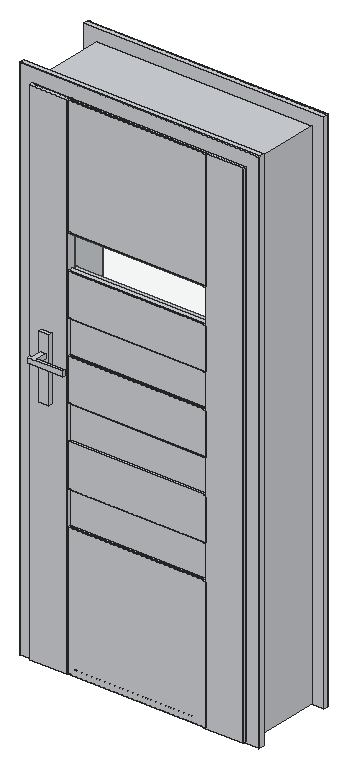
Revit family "porta_koncept_H1_osc_ps", category Drzwi, Revit 2016
Family settings
  Obiekt nadrzędny = Ściana
  Zawsze pionowo = Tak
  Tnij formami wycięć po wczytaniu = Nie
  Współdzielony = Nie
  Punkt obliczania pomieszczeń = Nie
Parameters (values of type "PN 80")
  Zakres szerokości muru [instance] = if(and(Grubość ściany > 94 mm, Grubość ściany < 120 mm), "B", (if(and(Grubość ściany > 119 mm, Grubość ściany < 140 mm), "C", (if(and(Grubość ściany > 139 mm, Grubość ściany < 160 mm), "D", (if(and(Grubość ściany > 159 mm, Grubość ściany < 180 mm), "E", (if(and(Grubość ściany > 179 mm, Grubość ściany < 200 mm), "F", (if(and(Grubość ściany > 199 mm, Grubość ściany < 220 mm), "G", (if(and(Grubość ściany > 219 mm, Grubość ściany < 240 mm), "H", (if(and(Grubość ściany > 239 mm, Grubość ściany < 260 mm), "I", (if(and(Grubość ściany > 259 mm, Grubość ściany < 280 mm), "J", (if(and(Grubość ściany > 279 mm, Grubość ściany < 301 mm), "K", "BRAK")))))))))))))))))))  # "K"
  Wysokość brutto = 2060 mm
  Szerokość brutto = 880 mm
  Model = "Koncept H1"
  Konstrukcja analityczna = "<Brak>"
  Grubość ściany [instance] = 300 mm
  Funkcja = Wewnętrzna
  URL = "www.porta.com.pl"
  Ss = 844 mm
  Sb = 846 mm
  Producent = "PORTA KMI POLAND"
  Keynote = ""
  Description = ""
  Wysokość = 2016 mm
  Zakończenie ściany = Wg obiektu nadrzędnego
  Szerokość = 800 mm
  Materiał_skrzydło [instance] = none
  Materiał_ościeżnica [instance] = none
  Materiał_klamka [instance] = none
  Informacja = "Własność Porta KMI Poland, wszelkie prawa zastrzeżone."  # constant formula
  Hs = 2030 mm
Types (6, lengths in mm): name | Szerokość brutto | Ss | Sb | Description | Szerokość
  PN 70 | 780 | 744 | 746 | "Biblioteki CAD produktów firmy PORTA KMI POLAND wraz z ich wizualizacjami są chronione prawami własności przemysłowej i intelektualnej. Można je wykorzystywać do handlowych celów osobistych poprzez zastosowanie w projektach, jednak nie wolno ich powielać, modyfikować, licencjonować ani publikować, w całości ani w części, chyba że celem przeglądania, bez uprzedniej pisemnej zgody PORTA KMI Poland. www.porta.com.pl" | 700
  PN 60 | 680 | 644 | 646 | "Biblioteki CAD produktów firmy PORTA KMI POLAND wraz z ich wizualizacjami są chronione prawami własności przemysłowej i intelektualnej. Można je wykorzystywać do handlowych celów osobistych poprzez zastosowanie w projektach, jednak nie wolno ich powielać, modyfikować, licencjonować ani publikować, w całości ani w części, chyba że celem przeglądania, bez uprzedniej pisemnej zgody PORTA KMI Poland. www.porta.com.pl" | 600
  PN 80 | 880 | 844 | 846 | "" | 800
  PN 90 | 980 | 944 | 946 | "Biblioteki CAD produktów firmy PORTA KMI POLAND wraz z ich wizualizacjami są chronione prawami własności przemysłowej i intelektualnej. Można je wykorzystywać do handlowych celów osobistych poprzez zastosowanie w projektach, jednak nie wolno ich powielać, modyfikować, licencjonować ani publikować, w całości ani w części, chyba że celem przeglądania, bez uprzedniej pisemnej zgody PORTA KMI Poland. www.porta.com.pl" | 900
  PN 100 | 1080 | 1044 | 1046 | "Biblioteki CAD produktów firmy PORTA KMI POLAND wraz z ich wizualizacjami są chronione prawami własności przemysłowej i intelektualnej. Można je wykorzystywać do handlowych celów osobistych poprzez zastosowanie w projektach, jednak nie wolno ich powielać, modyfikować, licencjonować ani publikować, w całości ani w części, chyba że celem przeglądania, bez uprzedniej pisemnej zgody PORTA KMI Poland. www.porta.com.pl" | 1000
  PN 110 | 1180 | 1144 | 1146 | "Biblioteki CAD produktów firmy PORTA KMI POLAND wraz z ich wizualizacjami są chronione prawami własności przemysłowej i intelektualnej. Można je wykorzystywać do handlowych celów osobistych poprzez zastosowanie w projektach, jednak nie wolno ich powielać, modyfikować, licencjonować ani publikować, w całości ani w części, chyba że celem przeglądania, bez uprzedniej pisemnej zgody PORTA KMI Poland. www.porta.com.pl" | 1100
Reference planes
  plane 1: y = 0
  plane 2 "Środek (Lewa/Prawa)": x = 0
  plane 3 "Lewy": x = -440
  plane 4 "Prawy": x = 440
  plane 5: z = 2060
  plane 6 "Zewnętrzna": y = 150
  plane 7 "Wewnętrzna": y = -150
  plane 8 "skrzydło": y = -144.5
Forms (mm)
  Sweep 1, solid, material <- "Materiał_ościeżnica"
    path in 3D
      loop
        line (-440, -150, 0) -> (-440, -150, 2060) -> (440, -150, 2060) -> (440, -150, 0)
    profile origin (-440, -150, 1030) x (0, -1, 0) y (1, 0, 0)
      loop
        line (-10, 39) -> (-72, 39) -> (-72, 17) -> (0, 17) -> (0, -33) -> (16, -33)
        arc (16, -33) -> (18.121, -32.121) -> (19, -30) r 3
        line (19, -30) -> (19, 24)
        arc (19, 24) -> (18.121, 26.121) -> (16, 27) r 3
        line (16, 27) -> (-10, 27) -> (-10, 39)
  Sweep 2, solid, material <- "Materiał_ościeżnica"
    path in 3D
      loop
        line (440, 150, 0) -> (440, 150, 2060) -> (-440, 150, 2060) -> (-440, 150, 0)
    profile origin (-440, 150, 1030) x (1, 0, 0) y (0, 1, 0)
      loop
        line (-33, 0) -> (17, 0) -> (17, -228) -> (39, -228) -> (39, -1)
        arc (39, -1) -> (37.536, 2.536) -> (34, 4) r 5
        line (34, 4) -> (25, 4) -> (25, 16)
        arc (25, 16) -> (24.121, 18.121) -> (22, 19) r 3
        line (22, 19) -> (-30, 19)
        arc (-30, 19) -> (-32.121, 18.121) -> (-33, 16) r 3
        line (-33, 16) -> (-33, 0)
  Sweep 3, solid, not visible
    path in 3D
      loop
        line (-440, -150, 0) -> (-440, -150, 2060)
    profile origin (-440, -150, 1030) x (0, -1, 0) y (1, 0, 0)
      loop
        line (-151, 17) -> (-149, 17) -> (-149, 19) -> (-151, 19) -> (-151, 17)
Cuts and joins
  joined: Sweep 1, Sweep 2
Lines and regions (mm)
  Opening 1
    outline origin (-3050, -150, 0) x (1, 0, 0) y (0, 0, 1)
      loop
        line (2610, 0) -> (3490, 0) -> (3490, 2060) -> (2610, 2060) -> (2610, 0)
  sketch lines
    curve 1: line (-440, -150, 0) -> (-440, -150, 2060)
    curve 2: line (-440, -150, 2060) -> (440, -150, 2060)
    curve 3: line (440, -150, 2060) -> (440, -150, 0)
    curve 4: line (-440, 150, 2060) -> (-440, 150, 0)
    curve 5: line (440, 150, 2060) -> (-440, 150, 2060)
    curve 6: line (440, 150, 0) -> (440, 150, 2060)
    curve 12: line (-440, -150, 0) -> (-440, -150, 2060)
  symbolic lines, style "DoorsPanelProjection"
    curve 7: line (422, -150, 0) -> (422, -994, 0)
    curve 8: line (422, -994, 0) -> (382, -994, 0)
    curve 9: line (382, -994, 0) -> (382, -150, 0)
    curve 10: line (382, -150, 0) -> (422, -150, 0)
  symbolic lines, style "Ugięcie rzutu"
    curve 11: arc (-422, -150, 0) -> (-174.798, -746.798, 0) -> (422, -994, 0) r 844
Text (mm)
  text "Zewnętrzna" at (-2295.016, 1099.543, 0), in view "Poziom odniesienia"
  text "Zewnętrzna" at (0, 1615.38, 3698.081), in view "Lewy"
  text "Zewnętrzna" at (0, 1036.032, 3874.932), in view "Prawy"
Dimensions and locks
  equal spacing: plane 3 "Lewy", plane 2 "Środek (Lewa/Prawa)", plane 4 "Prawy"
  "Szerokość brutto": plane 3 "Lewy" to plane 4 "Prawy"
  "Wysokość brutto": plane 5 to host wall
  host wall to plane 5 = 2060 mm  (x2)
  locked: plane 6 "Zewnętrzna" to host wall at 0
  locked: plane 7 "Wewnętrzna" to host wall
  "Sb": Sweep 1 to Sweep 1
  locked: Sweep 1 sketch curve to Sweep 1 sketch curve at 22
  Sweep 1 sketch curve to Sweep 1 sketch curve = 50 mm
  locked: Sweep 1 sketch curve to profile plane at 72
  locked: Sweep 2 sketch curve to Sweep 2 sketch curve at 50
  locked: Sweep 2 sketch curve to Sweep 2 sketch curve at 22
  locked: Sweep 2 sketch curve to plane 6 "Zewnętrzna" at 1
  locked: curve 9 to curve 7 at 40
  "Ss": curve 8 to curve 10
  equal spacing: curve 11, plane 2 "Środek (Lewa/Prawa)", curve 7
  locked: plane 7 "Wewnętrzna" to plane 8 "skrzydło" at 5.5
  locked: host wall to Sweep 3 sketch curve at 1
  locked: Sweep 3 sketch curve to host wall at 1
  locked: Sweep 3 sketch curve to plane 6 "Zewnętrzna" at 151
  locked: plane 7 "Wewnętrzna" to Sweep 3 sketch curve at 151
  equal spacing: nested 1, plane 2 "Środek (Lewa/Prawa)", nested 1
  locked: nested 1 to level at 8
  "Grubość ściany": host wall to host wall
  aligned and locked: plane 3 "Lewy" to Opening 1 sketch curve
  aligned and locked: plane 5 to Opening 1 sketch curve  (x2)
  aligned and locked: Opening 1 sketch curve to plane 4 "Prawy"
  aligned and locked: Opening 1 sketch curve to level
  aligned and locked: plane 1 to host wall
  aligned and locked: Sweep 1 to Sweep 2 sketch curve
  aligned and locked: plane 7 "Wewnętrzna" to curve 10
  aligned and locked: Sweep 3 sketch curve to cut or joined group of Sweep 1, Sweep 2
  aligned and locked: Sweep 2 sketch curve to cut or joined group of Sweep 1, Sweep 2
  aligned and locked: nested 1 to plane 8 "skrzydło"
Automatic sketch dimensions
  profile plane to Sweep 1 sketch curve = 10 mm
  Sweep 1 sketch curve to profile plane = 16 mm  (x2)
  Sweep 1 sketch curve to Sweep 1 sketch curve = 3 mm
  profile plane to Sweep 1 sketch curve = 17 mm
  Sweep 1 sketch curve to Sweep 1 sketch curve = 7 mm
  Sweep 1 sketch curve to profile plane = 0 mm
  Sweep 2 sketch curve to profile plane = 0 mm
  Sweep 2 sketch curve to profile plane = 16 mm
  Sweep 2 sketch curve to Sweep 2 sketch curve = 3 mm
  Sweep 2 sketch curve to Sweep 2 sketch curve = 5 mm
  Sweep 2 sketch curve to profile plane = 4 mm
  Sweep 2 sketch curve to Sweep 2 sketch curve = 8 mm
  curve 11 to host wall = 0 mm
  Sweep 3 sketch curve to Sweep 3 sketch curve = 2 mm
Nested families
  nested 1: "skrzydło" at (0, -151, 0), Materiał_klamka <- "Materiał_klamka", Materiał_skrzydło <- "Materiał_skrzydło", type "skrzydło"
    with Materiał_skrzydło none, Materiał_klamka none
Definition of nested family "skrzydło"
  Parameters
    Ss = 844 mm
    Materiał_skrzydło [instance] = none
    Materiał_klamka [instance] = none
    Hs = 2030 mm
  Reference planes
    plane 1 "Tył": y = 6.5
    plane 2: z = 0
    plane 3 "Środek (Lewa/Prawa)": x = 0
    plane 4 "Lewa": x = -422
    plane 5 "Prawa": x = 422
    plane 6 "Przód": y = -33.5
    plane 7: z = 2038
    plane 8 "Centrum": y = -13.5
    plane 9: x = -409
    plane 10: z = 8
    plane 11: x = 409
    plane 12: x = -272
    plane 13: x = 272
    plane 14: z = 2025
  Forms (mm)
    Extrusion 1, solid, material <- "Materiał_skrzydło"
      sketch origin (-1191.728, -1524, 8) x (-1, 0, 0) y (0, -1, 0)
        loop
          line (-1465.378, -1490.5) -> (-1612.078, -1490.5)
          arc (-1612.078, -1490.5) -> (-1613.244, -1490.983) -> (-1613.728, -1492.15) r 1.65
          line (-1613.728, -1492.15) -> (-1613.728, -1501.85)
          arc (-1613.728, -1501.85) -> (-1613.244, -1503.017) -> (-1612.078, -1503.5) r 1.65
          line (-1612.078, -1503.5) -> (-1602.078, -1503.5)
          arc (-1602.078, -1503.5) -> (-1601.123, -1503.895) -> (-1600.728, -1504.85) r 1.35
          line (-1600.728, -1504.85) -> (-1600.728, -1528.85)
          arc (-1600.728, -1528.85) -> (-1600.244, -1530.017) -> (-1599.078, -1530.5) r 1.65
          line (-1599.078, -1530.5) -> (-1465.378, -1530.5)
          arc (-1465.378, -1530.5) -> (-1464.211, -1530.017) -> (-1463.728, -1528.85) r 1.65
          line (-1463.728, -1528.85) -> (-1463.728, -1492.15)
          arc (-1463.728, -1492.15) -> (-1464.211, -1490.983) -> (-1465.378, -1490.5) r 1.65
      from 0 to 2030
    Extrusion 2, void
      sketch origin (0, 0, 0) x (0, -1, 0) y (0, 0, 1)
        loop
          line (-6.5, 2025) -> (20.5, 2025) -> (20.5, 2038) -> (-6.5, 2038) -> (-6.5, 2025)
      from -422 to 422
    Extrusion 3, solid, material <- "Materiał_skrzydło"
      sketch origin (0, 0, 0) x (0, 1, 0) y (0, 0, 1)
        loop
          line (4, 1568.15) -> (4, 2023.35)
          arc (4, 2023.35) -> (3.517, 2024.517) -> (2.35, 2025) r 1.65
          line (2.35, 2025) -> (-19.15, 2025)
          arc (-19.15, 2025) -> (-20.105, 2025.395) -> (-20.5, 2026.35) r 1.35
          line (-20.5, 2026.35) -> (-20.5, 2036.35)
          arc (-20.5, 2036.35) -> (-20.983, 2037.517) -> (-22.15, 2038) r 1.65
          line (-22.15, 2038) -> (-29.35, 2038)
          arc (-29.35, 2038) -> (-30.517, 2037.517) -> (-31, 2036.35) r 1.65
          line (-31, 2036.35) -> (-31, 1568.15)
          arc (-31, 1568.15) -> (-30.517, 1566.983) -> (-29.35, 1566.5) r 1.65
          line (-29.35, 1566.5) -> (2.35, 1566.5)
          arc (2.35, 1566.5) -> (3.517, 1566.983) -> (4, 1568.15) r 1.65
        loop
          line (2.35, 529.5) -> (-29.35, 529.5)
          arc (-29.35, 529.5) -> (-30.517, 529.017) -> (-31, 527.85) r 1.65
          line (-31, 527.85) -> (-31, 9.65)
          arc (-31, 9.65) -> (-30.517, 8.483) -> (-29.35, 8) r 1.65
          line (-29.35, 8) -> (-25, 8)
          arc (-25, 8) -> (-23.833, 8.483) -> (-23.35, 9.65) r 1.65
          arc (-23.35, 9.65) -> (-22.955, 10.605) -> (-22, 11) r 1.35
          line (-22, 11) -> (-5, 11)
          arc (-5, 11) -> (-4.045, 10.605) -> (-3.65, 9.65) r 1.35
          arc (-3.65, 9.65) -> (-3.167, 8.483) -> (-2, 8) r 1.65
          line (-2, 8) -> (2.35, 8)
          arc (2.35, 8) -> (3.517, 8.483) -> (4, 9.65) r 1.65
          line (4, 9.65) -> (4, 527.85)
          arc (4, 527.85) -> (3.517, 529.017) -> (2.35, 529.5) r 1.65
        loop
          line (2.35, 831.25) -> (-29.35, 831.25)
          arc (-29.35, 831.25) -> (-30.517, 830.767) -> (-31, 829.6) r 1.65
          line (-31, 829.6) -> (-31, 662.9)
          arc (-31, 662.9) -> (-30.517, 661.733) -> (-29.35, 661.25) r 1.65
          line (-29.35, 661.25) -> (2.35, 661.25)
          arc (2.35, 661.25) -> (3.517, 661.733) -> (4, 662.9) r 1.65
          line (4, 662.9) -> (4, 829.6)
          arc (4, 829.6) -> (3.517, 830.767) -> (2.35, 831.25) r 1.65
        loop
          line (2.35, 1133) -> (-29.35, 1133)
          arc (-29.35, 1133) -> (-30.517, 1132.517) -> (-31, 1131.35) r 1.65
          line (-31, 1131.35) -> (-31, 964.65)
          arc (-31, 964.65) -> (-30.517, 963.483) -> (-29.35, 963) r 1.65
          line (-29.35, 963) -> (2.35, 963)
          arc (2.35, 963) -> (3.517, 963.483) -> (4, 964.65) r 1.65
          line (4, 964.65) -> (4, 1131.35)
          arc (4, 1131.35) -> (3.517, 1132.517) -> (2.35, 1133) r 1.65
        loop
          line (2.35, 1434.75) -> (-29.35, 1434.75)
          arc (-29.35, 1434.75) -> (-30.517, 1434.267) -> (-31, 1433.1) r 1.65
          line (-31, 1433.1) -> (-31, 1266.4)
          arc (-31, 1266.4) -> (-30.517, 1265.233) -> (-29.35, 1264.75) r 1.65
          line (-29.35, 1264.75) -> (2.35, 1264.75)
          arc (2.35, 1264.75) -> (3.517, 1265.233) -> (4, 1266.4) r 1.65
          line (4, 1266.4) -> (4, 1433.1)
          arc (4, 1433.1) -> (3.517, 1434.267) -> (2.35, 1434.75) r 1.65
      from -272 to 272
    Extrusion 4, solid
      sketch origin (-892.016, -13.5, 1200) x (-1, 0, 0) y (0, 0, 1)
        loop
          line (-620.016, 366.5) -> (-1164.016, 366.5) -> (-1164.016, 234.75) -> (-620.016, 234.75) -> (-620.016, 366.5)
      from -2 to 2
    Extrusion 5, solid, material <- "Materiał_skrzydło"
      sketch origin (-892.016, -13.5, 1200) x (-1, 0, 0) y (0, 0, 1)
        loop
          line (-620.016, -67) -> (-620.016, 64.75) -> (-1164.016, 64.75) -> (-1164.016, -67) -> (-620.016, -67)
      from -6 to 6
    Extrusion 6, solid, material <- "Materiał_skrzydło"
      sketch origin (-892.016, -13.5, 1200) x (-1, 0, 0) y (0, 0, 1)
        loop
          line (-620.016, -237) -> (-1164.016, -237) -> (-1164.016, -368.75) -> (-620.016, -368.75) -> (-620.016, -237)
      from -6 to 6
    Extrusion 7, solid, material <- "Materiał_skrzydło"
      sketch origin (-892.016, -13.5, 1200) x (-1, 0, 0) y (0, 0, 1)
        loop
          line (-620.016, -538.75) -> (-1164.016, -538.75) -> (-1164.016, -670.5) -> (-620.016, -670.5) -> (-620.016, -538.75)
      from -6 to 6
    Extrusion 8, solid, material <- "Materiał_skrzydło"
      sketch origin (-1191.728, -1524, 8) x (-1, 0, 0) y (0, -1, 0)
        loop
          arc (-918.078, -1490.5) -> (-919.244, -1490.983) -> (-919.728, -1492.15) r 1.65
          line (-919.728, -1492.15) -> (-919.728, -1528.85)
          arc (-919.728, -1528.85) -> (-919.244, -1530.017) -> (-918.078, -1530.5) r 1.65
          line (-918.078, -1530.5) -> (-784.378, -1530.5)
          arc (-784.378, -1530.5) -> (-783.211, -1530.017) -> (-782.728, -1528.85) r 1.65
          line (-782.728, -1528.85) -> (-782.728, -1504.85)
          arc (-782.728, -1504.85) -> (-782.332, -1503.895) -> (-781.378, -1503.5) r 1.35
          line (-781.378, -1503.5) -> (-771.378, -1503.5)
          arc (-771.378, -1503.5) -> (-770.211, -1503.017) -> (-769.728, -1501.85) r 1.65
          line (-769.728, -1501.85) -> (-769.728, -1492.15)
          arc (-769.728, -1492.15) -> (-770.211, -1490.983) -> (-771.378, -1490.5) r 1.65
          line (-771.378, -1490.5) -> (-918.078, -1490.5)
      from 0 to 2030
  Cuts and joins
    Extrusion 2 cuts Extrusion 1
    Extrusion 2 cuts Extrusion 8
  Dimensions and locks
    equal spacing: plane 4 "Lewa", plane 3 "Środek (Lewa/Prawa)", plane 5 "Prawa"
    "Ss": plane 4 "Lewa" to plane 5 "Prawa"
    locked: plane 4 "Lewa" to plane 9 at 13
    locked: plane 10 to level at 8
    "Hs": plane 7 to plane 10
    locked: plane 5 "Prawa" to plane 11 at 13
    locked: plane 9 to nested 1 at 35
    locked: nested 1 to plane 10 at 934
    locked: plane 10 to nested 2 at 934
    equal spacing: plane 6 "Przód", plane 8 "Centrum", plane 1 "Tył"
    locked: plane 7 to plane 14 at 13
    locked: plane 12 to plane 4 "Lewa" at 150
    locked: plane 5 "Prawa" to plane 13 at 150
    locked: plane 1 "Tył" to Extrusion 2 sketch curve at 27
    aligned and locked: nested 1 to plane 6 "Przód"
    aligned and locked: plane 5 "Prawa" to Extrusion 1 sketch curve
    aligned and locked: Extrusion 1 sketch curve to plane 11
    aligned and locked: Extrusion 1 sketch curve to plane 1 "Tył"
    aligned and locked: Extrusion 1 sketch curve to plane 6 "Przód"
    aligned and locked: Extrusion 1 sketch curve to plane 13
    aligned and locked: plane 7 to Extrusion 1
    aligned and locked: Extrusion 2 sketch curve to plane 14
    aligned and locked: Extrusion 2 sketch curve to plane 1 "Tył"
    aligned and locked: plane 7 to Extrusion 2 sketch curve
    aligned and locked: Extrusion 2 to plane 4 "Lewa"
    aligned and locked: plane 5 "Prawa" to Extrusion 2
    aligned and locked: Extrusion 3 to plane 12
    aligned and locked: plane 13 to Extrusion 3
    aligned and locked: plane 12 to Extrusion 4 sketch curve
    aligned and locked: plane 13 to Extrusion 4 sketch curve
    aligned and locked: Extrusion 3 to Extrusion 5 sketch curve  (x2)
    aligned and locked: plane 12 to Extrusion 6 sketch curve
    aligned and locked: plane 13 to Extrusion 6 sketch curve
    aligned and locked: plane 12 to Extrusion 7 sketch curve
    aligned and locked: plane 13 to Extrusion 7 sketch curve
    aligned and locked: plane 4 "Lewa" to Extrusion 8 sketch curve
    aligned and locked: Extrusion 8 sketch curve to plane 12
    aligned and locked: plane 7 to Extrusion 8
    aligned and locked: nested 2 to nested 1
  Automatic sketch dimensions
    Extrusion 1 sketch curve to Extrusion 1 sketch curve = 1.65 mm  (x4)
    Extrusion 1 sketch curve to Extrusion 1 sketch curve = 1.35 mm
    Extrusion 1 sketch curve to Extrusion 1 sketch curve = 10 mm
    plane 1 "Tył" to Extrusion 1 sketch curve = 25.65 mm
    Extrusion 3 sketch curve to plane 7 = 0 mm
    Extrusion 3 sketch curve to plane 10 = 0 mm  (x2)
    Extrusion 3 sketch curve to plane 14 = 0 mm
    plane 6 "Przód" to Extrusion 3 sketch curve = 2.5 mm  (x5)
    plane 10 to Extrusion 3 sketch curve = 1.65 mm  (x3)
    Extrusion 3 sketch curve to Extrusion 3 sketch curve = 1.65 mm  (x15)
    Extrusion 3 sketch curve to Extrusion 3 sketch curve = 4.35 mm
    Extrusion 3 sketch curve to Extrusion 3 sketch curve = 0 mm  (x2)
    Extrusion 3 sketch curve to Extrusion 3 sketch curve = 7.2 mm
    Extrusion 3 sketch curve to Extrusion 3 sketch curve = 1.35 mm  (x2)
    plane 8 "Centrum" to Extrusion 3 sketch curve = 8.5 mm
    plane 1 "Tył" to Extrusion 3 sketch curve = 4.15 mm  (x9)
    Extrusion 3 sketch curve to plane 14 = 1.65 mm
    Extrusion 3 sketch curve to Extrusion 3 sketch curve = 516.85 mm
    Extrusion 3 sketch curve to Extrusion 3 sketch curve = 131.75 mm  (x4)
    Extrusion 3 sketch curve to Extrusion 3 sketch curve = 166.7 mm  (x3)
    Extrusion 4 sketch curve to Extrusion 4 sketch curve = 131.75 mm
    Extrusion 4 sketch curve to plane 7 = 471.5 mm
    Extrusion 5 sketch curve to plane 7 = 773.25 mm
    Extrusion 5 sketch curve to Extrusion 5 sketch curve = 131.75 mm
    plane 10 to Extrusion 6 sketch curve = 823.25 mm
    Extrusion 6 sketch curve to Extrusion 6 sketch curve = 131.75 mm
    plane 10 to Extrusion 7 sketch curve = 521.5 mm
    Extrusion 7 sketch curve to Extrusion 7 sketch curve = 131.75 mm
    Extrusion 8 sketch curve to Extrusion 8 sketch curve = 1.65 mm  (x4)
    Extrusion 8 sketch curve to Extrusion 8 sketch curve = 1.35 mm
    Extrusion 8 sketch curve to Extrusion 8 sketch curve = 10 mm
    Extrusion 8 sketch curve to Extrusion 8 sketch curve = 0 mm
    plane 6 "Przód" to Extrusion 8 sketch curve = 40 mm
    Extrusion 8 sketch curve to Extrusion 8 sketch curve = 24 mm
    Extrusion 8 sketch curve to Extrusion 8 sketch curve = 9.7 mm
  Nested families
    nested 1: "KLAMKA" at (-354, -33.5, 1067), Materiał klamki <- "Materiał_klamka", type "KLAMKA"
      with Materiał klamki none
    nested 2: "KLAMKA" at (-354, 6.5, 1067), Materiał klamki <- "Materiał_klamka", type "KLAMKA"
      with Materiał klamki none
  Definition of nested family "KLAMKA"
    Parameters
      Materiał klamki [instance] = none
      Assembly Code = ""
      Default Elevation = 1219.2 mm
    Reference planes
      plane 1 "Center (Front/Back)": y = 0
      plane 2: z = 0
      plane 3 "Center (Left/Right)": x = 0
      plane 4: z = 125
      plane 5: z = -125
      plane 6: x = 20
      plane 7: x = -20
      plane 8: y = -70
      plane 9: y = -60
      plane 10: x = 10
      plane 11: x = -10
      plane 12: x = 120
      plane 13: z = 35
      plane 14: z = 55
      plane 15: y = -15
    Forms (mm)
      Extrusion 1, solid, material <- "Materiał klamki"
        sketch origin (0, 0, 0) x (1, 0, 0) y (0, 0, 1)
          loop
            line (-20, 125) -> (-20, -125) -> (20, -125) -> (20, 125) -> (-20, 125)
        from 0 to 15
      Extrusion 2, solid, material <- "Materiał klamki"
        sketch origin (0, 0, 0) x (1, 0, 0) y (0, 1, 0)
          loop
            line (-10, -15) -> (-10, -60) -> (-20, -60) -> (-20, -70) -> (120, -70) -> (120, -60) -> (10, -60) -> (10, -15) -> (-10, -15)
        from 35 to 55
    Dimensions and locks
      equal spacing: plane 4, plane 2, plane 5
      plane 4 to plane 5 = 250 mm
      equal spacing: plane 7, plane 3 "Center (Left/Right)", plane 6
      plane 7 to plane 6 = 40 mm
      plane 8 to plane 1 "Center (Front/Back)" = 70 mm
      plane 11 to plane 3 "Center (Left/Right)" to plane 10 = 10 mm locked, 10 mm locked
      plane 7 to plane 12 = 140 mm
      plane 15 to plane 1 "Center (Front/Back)" = 15 mm
      aligned and locked: plane 7 to Extrusion 1 sketch curve
      aligned and locked: Extrusion 1 sketch curve to plane 4
      aligned and locked: plane 5 to Extrusion 1 sketch curve
      aligned and locked: Extrusion 1 sketch curve to plane 6
      aligned and locked: plane 15 to Extrusion 1
      aligned and locked: Extrusion 1 to plane 1 "Center (Front/Back)"
      aligned and locked: plane 14 to Extrusion 2
      aligned and locked: Extrusion 2 to plane 13
    Automatic sketch dimensions
      Extrusion 2 sketch curve to plane 7 = 0 mm
      Extrusion 2 sketch curve to plane 9 = 0 mm  (x2)
      Extrusion 2 sketch curve to plane 11 = 0 mm
      Extrusion 2 sketch curve to plane 10 = 0 mm
      Extrusion 2 sketch curve to plane 12 = 0 mm
      Extrusion 2 sketch curve to plane 8 = 0 mm
      Extrusion 2 sketch curve to plane 15 = 0 mm
